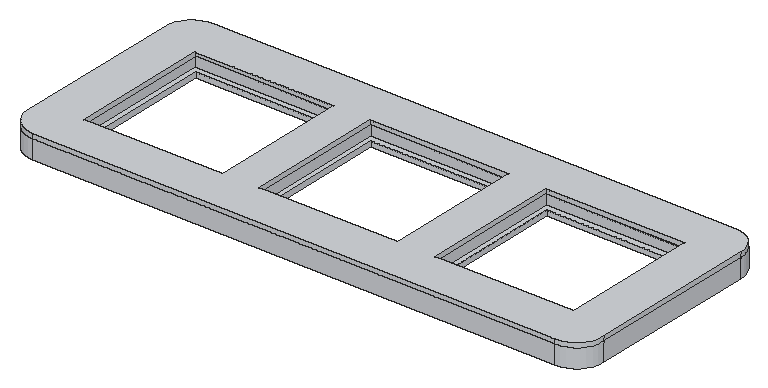
Revit family "Gira_0213417", category Electrical Fixtures, host Face, Revit 2017
Family settings
  Host = Face
  Maintain Annotation Orientation = No
  Round Connector Dimension = Use Diameter
  Part Type = Normal
  Cut with Voids When Loaded = No
  Shared = No
  Room Calculation Point = No
Parameters (values of type "Cov.fr. 3-g Gira E3 sand/p.white")
  URL = "http://katalog.gira.de/en/datenblatt.html?artikelnr=0213417"
  Transparent = "No"
  Name = "Cov.fr. 3-g Gira E3 sand/p.white"
  Manufacturer URL = "https://www.gira.de/"
  Manufacturer = "Gira"
  Keynote = ""
  HeinzeBIM = "https://bimportal.heinze.de/bim/cov-fr-3-g-gira-e3-sand-p-white/15178329602c0f77798fcad0826a652361524a41"
  HAN = "0213417"
  GTIN = "4010337024538"
  Description = "Cov.fr.3g E3 SdPw,Gira E3 cover frame,sand soft touch with pure white glossy intermediate frame,3-gang,Features:,- Shatter-proof.,,Notes :,- Soft-touch surface,- NCS value: approx. NCS S 2005-Y20R"
  Default Elevation = 1219.2 mm
  Data sheet (1) = "https://katalog.gira.de/en/download.html?artikelnr=0213417"
  Category = "Cover frame for domestic switching devices"
  BIM (1) = "https://media.stage.bim.site/public/gira/36a6b08/E3_Rahmen_3fach.rfa"
  Available = "No"
Reference planes
  plane 1 "Center (Front/Back)": y = 0
  plane 2: z = 0
  plane 3 "Center (Left/Right)": x = 0
Forms (mm)
  Extrusion 1, solid, detail levels fine
    sketch origin (0, 0, 0) x (1, 0, 0) y (0, 1, 0)
      loop
        arc (-106.1, 45.809) -> (-113.884, 42.585) -> (-117.109, 34.8) r 11.009
        line (-117.109, 34.8) -> (-117.109, -34.8)
        arc (-117.109, -34.8) -> (-113.884, -42.585) -> (-106.1, -45.809) r 11.009
        line (-106.1, -45.809) -> (106.1, -45.809)
        arc (106.1, -45.809) -> (113.884, -42.585) -> (117.109, -34.8) r 11.009
        line (117.109, -34.8) -> (117.109, 34.8)
        arc (117.109, 34.8) -> (113.884, 42.585) -> (106.1, 45.809) r 11.009
        line (106.1, 45.809) -> (-106.1, 45.809)
      loop
        line (-43.2, 28.187) -> (-99.456, 28.187) -> (-99.456, -28.187) -> (-43.2, -28.187) -> (-43.2, 28.187)
      loop
        line (-28.3, 28.187) -> (-28.3, -28.187) -> (27.956, -28.187) -> (27.956, 28.187) -> (-28.3, 28.187)
      loop
        line (43.2, 28.187) -> (43.2, -28.187) -> (99.456, -28.187) -> (99.456, 28.187) -> (43.2, 28.187)
    from 7.65 to 9.5
  Extrusion 2, solid, detail levels fine
    sketch origin (-71.5, 0, 0) x (1, 0, 0) y (0, 1, 0)
      loop
        line (26.1, 25.7) -> (-25.7, 25.7) -> (-25.7, -25.7) -> (26.1, -25.7) -> (26.1, 25.7)
      loop
        line (-28.187, -28.156) -> (28.187, -28.156) -> (28.187, 28.156) -> (-28.187, 28.156) -> (-28.187, -28.156)
    from 1.65 to 3.9
  Extrusion 3, solid, detail levels fine
    sketch origin (0, 0, 0) x (1, 0, 0) y (0, 1, 0)
      loop
        arc (-106.1, 45.809) -> (-113.884, 42.585) -> (-117.109, 34.8) r 11.009
        line (-117.109, 34.8) -> (-117.109, -34.8)
        arc (-117.109, -34.8) -> (-113.884, -42.585) -> (-106.1, -45.809) r 11.009
        line (-106.1, -45.809) -> (106.1, -45.809)
        arc (106.1, -45.809) -> (113.884, -42.585) -> (117.109, -34.8) r 11.009
        line (117.109, -34.8) -> (117.109, 34.8)
        arc (117.109, 34.8) -> (113.884, 42.585) -> (106.1, 45.809) r 11.009
        line (106.1, 45.809) -> (-106.1, 45.809)
      loop
        line (-115.143, 34.785) -> (-115.143, -34.785)
        arc (-115.143, -34.785) -> (-112.49, -41.19) -> (-106.084, -43.843) r 9.058
        line (-106.084, -43.843) -> (106.084, -43.843)
        arc (106.084, -43.843) -> (112.49, -41.19) -> (115.143, -34.785) r 9.058
        line (115.143, -34.785) -> (115.143, 34.785)
        arc (115.143, 34.785) -> (112.49, 41.19) -> (106.084, 43.843) r 9.058
        line (106.084, 43.843) -> (-106.084, 43.843)
        arc (-106.084, 43.843) -> (-112.49, 41.19) -> (-115.143, 34.785) r 9.058
    from 0 to 7.65
  Extrusion 4, solid, detail levels fine
    sketch origin (-35.75, 0, 0) x (1, 0, 0) y (0, 1, 0)
      loop
        line (-62.956, -31.075) -> (62.956, -31.075)
        arc (62.956, -31.075) -> (65.599, -29.98) -> (66.694, -27.337) r 3.739
        line (66.694, -27.337) -> (66.694, 27.337)
        arc (66.694, 27.337) -> (65.599, 29.98) -> (62.956, 31.075) r 3.739
        line (62.956, 31.075) -> (-62.956, 31.075)
        arc (-62.956, 31.075) -> (-65.599, 29.98) -> (-66.694, 27.337) r 3.739
        line (-66.694, 27.337) -> (-66.694, -27.337)
        arc (-66.694, -27.337) -> (-65.599, -29.98) -> (-62.956, -31.075) r 3.739
      loop
        line (-65.544, 27.537) -> (-65.544, -27.537)
        arc (-65.544, -27.537) -> (-64.845, -29.226) -> (-63.156, -29.925) r 2.389
        line (-63.156, -29.925) -> (63.156, -29.925)
        arc (63.156, -29.925) -> (64.845, -29.226) -> (65.544, -27.537) r 2.389
        line (65.544, -27.537) -> (65.544, 27.537)
        arc (65.544, 27.537) -> (64.845, 29.226) -> (63.156, 29.925) r 2.389
        line (63.156, 29.925) -> (-63.156, 29.925)
        arc (-63.156, 29.925) -> (-64.845, 29.226) -> (-65.544, 27.537) r 2.389
    from 1.65 to 7.65
  Extrusion 5, solid, detail levels fine
    sketch origin (0, 0, 0) x (1, 0, 0) y (0, 1, 0)
      loop
        line (-103.367, -39.8) -> (103.368, -39.8)
        arc (103.368, -39.8) -> (108.982, -36.708) -> (111.215, -30.7) r 9.2
        line (111.215, -30.7) -> (111.215, 30.7)
        arc (111.215, 30.7) -> (108.52, 37.205) -> (102.015, 39.9) r 9.2
        line (102.015, 39.9) -> (-102.014, 39.9)
        arc (-102.014, 39.9) -> (-108.52, 37.205) -> (-111.214, 30.7) r 9.2
        line (-111.214, 30.7) -> (-111.214, -30.7)
        arc (-111.214, -30.7) -> (-108.982, -36.708) -> (-103.367, -39.8) r 9.2
      loop
        line (-102.014, -31.7) -> (102.015, -31.7)
        arc (102.015, -31.7) -> (102.722, -31.407) -> (103.015, -30.7) r 1
        line (103.015, -30.7) -> (103.015, 30.7)
        arc (103.015, 30.7) -> (102.722, 31.407) -> (102.015, 31.7) r 1
        line (102.015, 31.7) -> (-102.014, 31.7)
        arc (-102.014, 31.7) -> (-102.721, 31.407) -> (-103.014, 30.7) r 1
        line (-103.014, 30.7) -> (-103.014, -30.7)
        arc (-103.014, -30.7) -> (-102.721, -31.407) -> (-102.014, -31.7) r 1
    from 1.65 to 3.9
  Extrusion 6, solid, detail levels fine
    sketch origin (-71.5, 0, 0) x (1, 0, 0) y (0, 1, 0)
      loop
        line (-28.187, 28.156) -> (-28.187, -28.156) -> (28.187, -28.156) -> (28.187, 28.156) -> (-28.187, 28.156)
      loop
        line (-29.925, 29.925) -> (-29.925, -29.925) -> (29.925, -29.925) -> (29.925, 29.925) -> (-29.925, 29.925)
    from 1.65 to 7.65
  Extrusion 7, solid, detail levels coarse+medium
    sketch origin (0, 0, 0) x (1, 0, 0) y (0, 1, 0)
      loop
        line (-117.109, 45.809) -> (-117.109, -45.809) -> (117.109, -45.809) -> (117.109, 45.809) -> (-117.109, 45.809)
    from 0 to 9.5
  Extrusion 8, solid, detail levels fine
    sketch origin (0, 0, 0) x (-1, 0, 0) y (0, -1, 0)
      loop
        line (25.9, -25.7) -> (25.9, 25.7) -> (-25.9, 25.7) -> (-25.9, -25.7) -> (25.9, -25.7)
      loop
        line (-28.187, 28.156) -> (-28.187, -28.156) -> (28.187, -28.156) -> (28.187, 28.156) -> (-28.187, 28.156)
    from 1.65 to 3.9
  Extrusion 9, solid, detail levels fine
    sketch origin (0, 0, 0) x (-1, 0, 0) y (0, -1, 0)
      loop
        line (-28.187, -28.156) -> (28.187, -28.156) -> (28.187, 28.156) -> (-28.187, 28.156) -> (-28.187, -28.156)
      loop
        line (-29.925, -29.925) -> (29.925, -29.925) -> (29.925, 29.925) -> (-29.925, 29.925) -> (-29.925, -29.925)
    from 1.65 to 7.65
  Extrusion 10, solid, detail levels fine
    sketch origin (71.5, 0, 0) x (-1, 0, 0) y (0, -1, 0)
      loop
        line (26.1, -25.7) -> (26.1, 25.7) -> (-25.7, 25.7) -> (-25.7, -25.7) -> (26.1, -25.7)
      loop
        line (-28.187, 28.156) -> (-28.187, -28.156) -> (28.187, -28.156) -> (28.187, 28.156) -> (-28.187, 28.156)
    from 1.65 to 3.9
  Extrusion 11, solid, detail levels fine
    sketch origin (71.5, 0, 0) x (-1, 0, 0) y (0, -1, 0)
      loop
        line (-28.187, -28.156) -> (28.187, -28.156) -> (28.187, 28.156) -> (-28.187, 28.156) -> (-28.187, -28.156)
      loop
        line (-29.925, -29.925) -> (29.925, -29.925) -> (29.925, 29.925) -> (-29.925, 29.925) -> (-29.925, -29.925)
    from 1.65 to 7.65
Dimensions and locks
  aligned and locked: plane 2 to host face
  aligned and locked: level to host face
